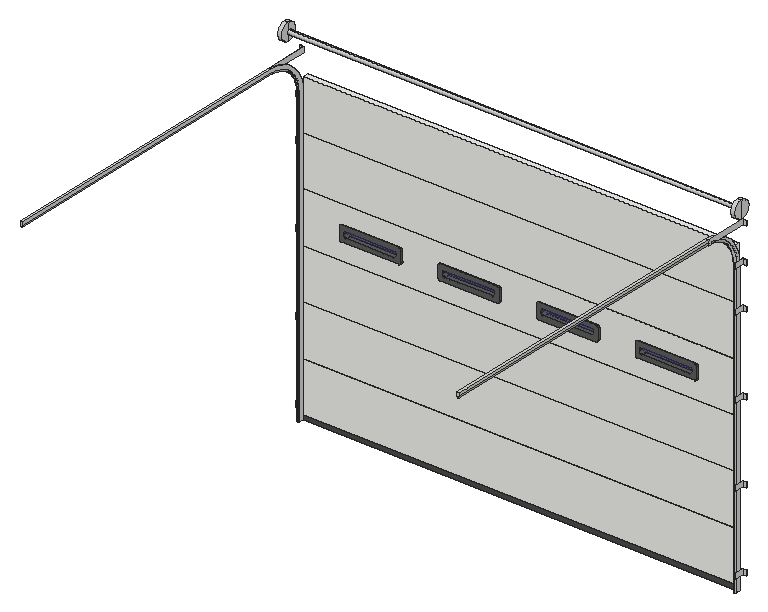
Revit family "Overhead-Sect_HAAS_Res_2500", category Doors, host Wall, Revit 2024
Family settings
  Host = Wall
  OmniClass Number = 23.30.10.17.37.14
  OmniClass Title = Sectional Overhead Doors
  Always vertical = Yes
  Cut with Voids When Loaded = No
  Shared = No
  Room Calculation Point = No
Parameters
  rearspring = no
  Warranty Duration (Years) = 0
  Viewport Frame Finish [instance] = Finish - Trim - HAAS - Black
  Unit Width [instance] = if(Wood Jamb, Opening Width, Opening Width + 0' 2")  # 14' - 0"
  Wood Jamb [instance] = yes
  URL = "http://www.haasdoor.com/about/index.html"
  U Value = 0
  Type Comments = ""
  Track_High Lift_CHECK WITH HAAS FOR VALUE [instance] = 0' - 7"
  Track [instance] = Steel
  Thickness = 0' - 0"  # constant formula
  Test Data = ""
  Steel Jamb [instance] = not(Wood Jamb)  # no
  Standards Conformance = "as Specified"
  Specification = ""
  SpecWizard = ""
  Send Message = ""
  Sales Information = "http://www.haasdoor.com/locator/index.php"
  Rough Width = 0' - 0"  # constant formula
  Rough Height = 0' - 0"  # constant formula
  Roof Incline Default = 0.00°
  Revision = "R1_2015-11"
  Recycled Content [instance] = "as Specified"
  R-Value = 13.45
  Product Properties = ""
  Product Data = "http://www.arcat.com/arcatcos/cos32/arc32915.html"
  Panel Width [instance] = 14' - 0"
  Panel Thickness = 0' - 2"
  Panel Material_Interior [instance] = Metal - Steel - HAAS - Polar White V-Groove
  Panel Material_Inset Panel [instance] = Metal - Steel - HAAS - Polar White
  Panel Material_Exterior [instance] = Metal - Steel - HAAS - Polar White
  Panel Height [instance] = if(1 = 1, Opening Height, 0' 0")  # 10' - 0"
  Overhead Sectional Style [instance] = Door_Overhead-Sectional-Panel_Haas_No-Inset-Panels : Design B
  Operation = "Overhead Sectional"
  Opening Width [instance] = 14' - 0"
  Opening Height [instance] = 10' - 0"
  Track Type [instance] = Tracks_Standard-Lift : Tracks_Standard-Lift
  Model = ""
  Max Width = 0' - 0"
  Max Height = 0' - 0"
  Manufacturer Website = "http://www.haasdoor.com/about/index.html"
  Manufacturer Phone - Toll Free = ""
  Manufacturer Phone = "419-337-9900"
  Manufacturer Fax = "800-874-4227"
  Manufacturer Address = "320 Sycamore Rd. Wauseon, OH 43567"
  Manufacturer = "Haas Door Co."
  Maintenance Schedule (Months) = 0
  Keynote = "08360"
  Interior Skin = "as Specified"
  Installation-Fabrication = ""
  Installation Phase = ""
  Green Building-LEED = ""
  Viewport Glazing [instance] = Glass
  Function = 1
  Height = 0' - 0"  # constant formula
  Wall Closure = (empty or 0)
  Width = 0' - 0"  # constant formula
  Fire Rating = ""
  Exterior Skin = "as Specified"
  Expected Lifespan (Years) = 0
  End Stile Type = "as Specified"
  Drawn By = "Sumex Design, Inc."
  Description = "Haas Residential Overhead Sectional Door - 2500 Series"
  Cost = 0
  Copyright = "©Arcat Inc."  # constant formula
  Construction Type = ""
  Construction Details = ""
  Building Codes = ""
  Bottom Seal Color [instance] = Finish - Weather Seal - HAAS - Black
  Assembly Code = "B2030410"
  AAMA Designation = "as Specified"
  3in Track [instance] = not([2in Track])  # no
  2in Track [instance] = yes
Reference planes (in)
  plane 1 "Center (Front/Back)": y = 0
  plane 2 "Center (Left/Right)": x = 0
  plane 3 "Left": x = -84
  plane 4 "Right": x = 84
  plane 5 "Top": z = 120
  plane 6 "Exterior": y = 3
  plane 7 "Interior": y = -3
  plane 8: z = 2
  plane 9 "Back of Panel": y = -5
  plane 10: y = -4
  plane 11 "Track": y = -4.625
Lines and regions (in)
  Opening 1
    outline origin (-90, -3, 0) x (1, 0, 0) y (0, 0, 1)
      loop
        line (6, 0) -> (174, 0) -> (174, 120) -> (6, 120) -> (6, 0)
Text (in)
  text "Exterior" at (-74.96733, 27.31104, 0), in view "Ref. Level"
  text "Interior" at (-74.96733, -25.14366, 0), in view "Ref. Level"
  text "Exterior" at (0, 40.15149, 123.01588), in view "Right"
  text "Interior" at (0, -64.39139, 123.01588), in view "Right"
  text "Interior" at (0, -31.01599, 123.00693), in view "Left"
  text "Exterior" at (0, 54.57065, 123.00693), in view "Left"
Dimensions and locks (in)
  equal spacing: plane 3 "Left", plane 2 "Center (Left/Right)", plane 4 "Right"
  "Opening Height": level to plane 5 "Top"
  "Opening Width": plane 3 "Left" to plane 4 "Right"
  plane 8 to level = 0' - 2"
  plane 3 "Left" to plane 4 "Right" = 14' - 0"
  "Panel Thickness": plane 9 "Back of Panel" to plane 7 "Interior"
  equal spacing: plane 9 "Back of Panel", plane 10, plane 7 "Interior"
  locked: plane 11 "Track" to plane 7 "Interior" at 1.625
  aligned and locked: plane 3 "Left" to Opening 1 sketch curve
  aligned and locked: plane 5 "Top" to Opening 1 sketch curve
  aligned and locked: Opening 1 sketch curve to plane 5 "Top"
  aligned and locked: Opening 1 sketch curve to plane 4 "Right"
  aligned and locked: Opening 1 sketch curve to level
  aligned and locked: plane 6 "Exterior" to host wall
  aligned and locked: plane 7 "Interior" to host wall
  aligned and locked: nested 1 to plane 2 "Center (Left/Right)"
  aligned and locked: level to nested 1
  aligned and locked: nested 1 to plane 11 "Track"
  aligned and locked: nested 2 to plane 2 "Center (Left/Right)"
  aligned and locked: plane 10 to nested 2
Nested families (in)
  nested 1: "Tracks_Standard-Lift" at (0, -5.625, 0), Unit Width <- "Unit Width", Opening Height <- "Opening Height", Track <- "Track", Wood Jamb <- "Wood Jamb", 2in Track <- "2in Track", type <- "Track Type", High Lift Height <- "Track_High Lift_CHECK WITH HAAS FOR VALUE", Door Height <- "Panel Height", Rear Mount Spring <- "rearspring", Roof Incline <- "Roof Incline Default", type "Tracks_Standard-Lift"
    with trackradinsetv 0' - 0", trackradinseth 0' - 0", sideroomint 0' - 1 5/8", roofpitchheight 0' - 0", offsettrackradv 1' - 2.73821", offsettrackradh 1' - 2.99772", offset 0' - 0", highliftcalc 0' - 8", breakoutrun 1, breakoutrise 12, breakawaylength 0' - 0", breakaway angle 1.00°, Wood Jamb yes, Unit Width 14' - 0", Unit Depth 0' - 2", Track Radius 1' - 3", Track Offset from Door Edge 0' - 0 1/2", Track Steel, Steel Jamb no, Standard Spring Location yes, Sideroom_Spring 0' - 3", Sideroom_Jambs 0' - 3", Roof Incline 0.00°, Rear Mount Spring no, Opening Width 14' - 0", Opening Height 10' - 0", High Lift Height 0' - 7", Headroom Clearance 1' - 7", Door Height 10' - 0", Breakaway Start 0' - 8", Back Depth 11' - 6", 3in Track no, 2in Track yes, 1 in 12 Breakout yes, 1 5 in 12 Breakout no
  nested 2: "Door_Overhead-Sectional-Panel_Haas_No-Inset-Panels" at (0, -4, 0) x (-1, 0, 0) z (0, 0, 1), Viewport Finish <- "Viewport Frame Finish", Panel Material_Interior <- "Panel Material_Interior", Panel Material_Inset Panel <- "Panel Material_Inset Panel", Panel Material_Exterior <- "Panel Material_Exterior", Viewport Glazing <- "Viewport Glazing", Bottom Seal Color <- "Bottom Seal Color", Panel Width <- "Panel Width", Panel Thickness <- "Panel Thickness", Panel Height <- "Panel Height", type <- "Overhead Sectional Style", type "Design B"
    with Viewport Glazing Glass, Viewport Finish Finish - Trim - HAAS - Black, Unit Width 14' - 0", Unit Height 1' - 7.66667", Panel Width 14' - 0", Panel Thickness 0' - 2", Panel Material_Interior Metal - Steel - HAAS - Polar White V-Groove, Panel Material_Inset Panel Metal - Steel - HAAS - Polar White, Panel Material_Exterior Metal - Steel - HAAS - Polar White, Panel Height 10' - 0", Panel 9 Vis no, Panel 9 Control 0' - 0", Panel 8 Vis no, Panel 8 Control 0' - 0", Panel 7 Vis no, Panel 7 Control 0' - 0", Panel 6 Vis yes, Panel 6 Control 1' - 7.66667", Panel 5 Vis yes, Panel 5 Control 1' - 7.66667", Panel 4 Vis yes, Panel 4 Control 1' - 7.66667", Panel 3 Vis yes, Panel 3 Control 1' - 7.66667", Panel 2 Vis yes, Panel 2 Control 1' - 7.66667", Panel 10 Vis no, Panel 10 Control 0' - 0", Panel 1 Vis yes, Bottom Seal Color Finish - Weather Seal - HAAS - Black
Definition of nested family "Tracks_Standard-Lift"
  Parameters
    trackradinsetv [instance] = Track Radius - (Track Radius * cos(Roof Incline))  # 0' - 0"
    trackradinseth [instance] = Track Radius * sin(Roof Incline)  # 0' - 0"
    sideroomint [instance] = if(Steel Jamb, 0' 3", 0' 1 5/8")  # 0' - 1 5/8"
    roofpitchheight [instance] = (Back Depth) * tan(Roof Incline)  # 0' - 0"
    offsettrackradv [instance] = Track Radius - (Track Radius * sin(breakaway angle))  # 1' - 2.73821"
    offsettrackradh [instance] = Track Radius * cos(breakaway angle)  # 1' - 2.99772"
    offset [instance] = 0' - 0"  # constant formula
    breakoutrun [instance] = if([1 in 12 Breakout], 1, 1.5)  # 1
    breakoutrise [instance] = 12  # constant formula
    breakawaylength [instance] = (Breakaway Start + High Lift Height - Track Radius) / tan(90.00° - breakaway angle)  # 0' - 0.26183"
    breakaway angle [instance] = 1.00°  # constant formula
    Wood Jamb [instance] = yes
    Unit Width [instance] = 8' - 0"
    Unit Depth [instance] = if([2in Track], 0' 2", if([3in Track], 0' 3", 0' 2"))  # 0' - 3"
    URL = ""
    Track Radius [instance] = 1' - 3"
    Track [instance] = none
    Steel Jamb [instance] = not(Wood Jamb)  # no
    Standard Spring Location [instance] = yes
    Specification = ""
    SpecWizard = ""
    Track Offset from Door Edge [instance] = 0' - 0 1/2"
    Sideroom_Spring [instance] = 0' - 3"  # constant formula
    Sideroom_Jambs [instance] = 0' - 3"  # constant formula
    Sales Information = ""
    Roof Incline [instance] = 0.00°
    Revision = ""
    Rear Mount Spring [instance] = yes
    Product Properties = ""
    Product Data = ""
    Opening Width [instance] = if(Wood Jamb, Unit Width, Unit Width - 0' 1")  # 8' - 0"
    Opening Height [instance] = 8' - 0"
    Model = "As Specified"
    Manufacturer = ""
    Keynote = ""
    Installation-Fabrication = ""
    highliftcalc [instance] = if(Headroom Clearance < 5' 4 3/256", Headroom Clearance - 0' 11", if(and(Headroom Clearance > 5' 4", Headroom Clearance < 11' 1 3/256"), Headroom Clearance - 1' 1", if(and(Headroom Clearance > 11' 1", Headroom Clearance < 15' 0 3/256"), Headroom Clearance - 1' 5", 1' 0")))  # 1' - 11"
    High Lift Height [instance] = 1' - 10"
    Headroom Clearance [instance] = High Lift Height + 1' 0"  # 2' - 10"
    Green Building-LEED = ""
    Drawn By = "Sumex Design, Inc. / Robert S. Weygant, CSI, CDT, SCIP"
    Door Height [instance] = 8' - 0"
    Description = ""
    Default Elevation = 0' - 0"  # constant formula
    Copyright = "©Arcat Inc."
    Construction Details = ""
    Breakaway Start [instance] = if([1 in 12 Breakout], 0' 8", if([1 5 in 12 Breakout], 1' 2", 1' 0"))  # 0' - 8"
    Back Depth [instance] = Door Height + 1' 6"  # 9' - 6"
    Assembly Code = ""
    3in Track [instance] = not([2in Track])  # yes
    2in Track [instance] = no
    1 in 12 Breakout [instance] = yes
    1 5 in 12 Breakout [instance] = not([1 in 12 Breakout])  # no
  Reference planes (in)
    plane 1 "Center (Front/Back)": y = 0
    plane 2 "Bottom": z = 0
    plane 3 "Center (Left/Right)": x = 0
    plane 4 "Front": y = -1.5
    plane 5 "Back": y = 1.5
    plane 6 "Left": x = -48
    plane 7 "Right": x = 48
    plane 8 "Top": z = 121
    plane 9: z = 96
    plane 10: x = -48
    plane 11: x = 48
    plane 12: z = 130
    plane 13: y = -110.875
    plane 14: y = -13.49772
    plane 15: z = 106.26179
    plane 16 "Origin": y = 3.125
    plane 17: z = 74
    plane 18: z = 51.33333
    plane 19: z = 28.66667
    plane 20: z = 6
    plane 21: z = 97.13089
    plane 22: x = 51
    plane 23: x = -51
    plane 24 "Drum CL": y = -1.875
    plane 25: z = 106
    plane 26: z = 118
    plane 27: y = -13.49772
    plane 28: z = 121
    plane 29: x = -49.625
    plane 30: x = 49.625
  Forms (in)
    Extrusion 1, solid, material <- "Track", visible <- "Wood Jamb"
      sketch origin (0, 0, 0) x (1, 0, 0) y (0, 1, 0)
        loop
          line (-49.5, -13.49772) -> (-49.5, 3.125) -> (-51, 3.125) -> (-51, 3) -> (-49.625, 3) -> (-49.625, -13.49772) -> (-49.5, -13.49772)
        loop
          line (49.5, -13.49772) -> (49.625, -13.49772) -> (49.625, 3) -> (51, 3) -> (51, 3.125) -> (49.5, 3.125) -> (49.5, -13.49772)
      from 0 to 121
    Extrusion 2, void
      sketch origin (0, 0, 0) x (0, 1, 0) y (0, 0, 1)
        loop
          line (-1.5, 5) -> (-1.5, 7) -> (3.125, 7) -> (3.125, 27.66667) -> (-1.5, 27.66667) -> (-1.5, 29.66667) -> (3.125, 29.66667) -> (3.125, 50.33333) -> (-1.5, 50.33333) -> (-1.5, 52.33333) -> (3.125, 52.33333) -> (3.125, 73) -> (-1.5, 73) -> (-1.5, 75) -> (3.125, 75) -> (3.125, 105.26179) -> (-1.5, 105.26179) -> (-1.5, 107.26179) -> (3.125, 107.26179) -> (3.125, 119) -> (-13.49772, 119) -> (-13.49772, 0) -> (3.125, 0) -> (3.125, 5) -> (-1.5, 5)
      from -51 to 51
    Extrusion 3, solid, material <- "Track", visible <- "Steel Jamb"
      sketch origin (0, 0, 0) x (1, 0, 0) y (0, 1, 0)
        loop
          line (-51, 3.125) -> (-51, -13.49772) -> (-50.875, -13.49772) -> (-50.875, 3) -> (-48.375, 3) -> (-48.375, 3.125) -> (-51, 3.125)
        loop
          line (51, 3.125) -> (48.375, 3.125) -> (48.375, 3) -> (50.875, 3) -> (50.875, -13.49772) -> (51, -13.49772) -> (51, 3.125)
      from 0 to 121
    Revolve 4, solid, material <- "Track"
      sketch origin (0, -1.875, 0) x (0, 0, -1) y (1, 0, 0)
        loop
          line (-130, -53) -> (-126.75, -53) -> (-126.75, 53) -> (-130, 53) -> (-130, 51.5) -> (-127.5, 51.5) -> (-127.5, -51.5) -> (-130, -51.5) -> (-130, -53)
        axis (-126.75, 53) -> (-126.75, -53)
      angle from 0 to 360
    Sweep 5, solid, material <- "Track"
      path origin (0, 0, 0) x (0, 1, 0) y (0, 0, 1)
        loop
          line (1.5, 0) -> (1.5, 106.26179)
          arc (1.5, 106.26179) -> (-2.98408, 116.69876) -> (-13.49772, 121) r 15
          line (-13.49772, 121) -> (-110.875, 121)
      profile origin (0, -62.18636, 121) x (0, 0, -1) y (1, 0, 0)
        loop
          line (2.62111, -48.5) -> (0, -48.5) -> (0, -49.5) -> (2.25, -49.5)
          arc (2.25, -49.5) -> (2.68414, -49.38263) -> (3, -49.0625) r 0.86161
          line (3, -49.0625) -> (3, -48.71875) -> (2.62111, -48.5)
    Sweep 6, solid, material <- "Track"
      path origin (0, 0, 0) x (0, 1, 0) y (0, 0, 1)
        loop
          line (1.5, 0) -> (1.5, 106.26179)
          arc (1.5, 106.26179) -> (-2.98408, 116.69876) -> (-13.49772, 121) r 15
          line (-13.49772, 121) -> (-110.875, 121)
      profile origin (0, -62.18636, 121) x (0, 0, -1) y (1, 0, 0)
        loop
          line (0, 49.5) -> (0, 48.5) -> (2.62111, 48.5) -> (3, 48.71875) -> (3, 49.0625)
          arc (3, 49.0625) -> (2.68414, 49.38263) -> (2.25, 49.5) r 0.86161
          line (2.25, 49.5) -> (0, 49.5)
  Cuts and joins
    Extrusion 2 cuts Extrusion 1
    Extrusion 2 cuts Extrusion 3
  Lines and regions (in)
    reference lines
      curve 1: arc (0, 0.25, 112.00003) -> (0, -5.28189, 118.54991) -> (0, -13.49772, 121) r 15
      curve 2: line (0, -13.49772, 121) -> (0, -110.875, 121)
  Text (in)
    text "OPENING" at (0, 24.81124, 52.10269), in view "Right"
    text "STANDARD LIFT" at (0, 24.81124, 118.55424), in view "Right"
  Dimensions and locks (in)
    equal spacing: plane 6 "Left", plane 3 "Center (Left/Right)", plane 7 "Right"
    "Unit Width": plane 6 "Left" to plane 7 "Right"
    equal spacing: plane 5 "Back", plane 1 "Center (Front/Back)", plane 4 "Front"
    "Unit Depth": plane 5 "Back" to plane 4 "Front"
    equal spacing: plane 10, plane 3 "Center (Left/Right)", plane 11
    "Opening Width": plane 10 to plane 11
    "Headroom Clearance": plane 12 to plane 9
    "Back Depth": plane 13 to plane 16 "Origin"
    "offsettrackradv": plane 8 "Top" to plane 15
    locked: plane 16 "Origin" to plane 5 "Back" at 1.625
    "Sideroom_Jambs": Extrusion 1 sketch curve to plane 10
    "Sideroom_Jambs": plane 11 to Extrusion 1 sketch curve
    locked: plane 20 to level at 6
    equal spacing: plane 17, plane 18, plane 19, plane 20
    Extrusion 2 sketch curve to plane 20 to Extrusion 2 sketch curve = 0' - 1" locked, 0' - 1" locked
    Extrusion 2 sketch curve to plane 19 to Extrusion 2 sketch curve = 0' - 1" locked, 0' - 1" locked
    Extrusion 2 sketch curve to plane 18 to Extrusion 2 sketch curve = 0' - 1" locked, 0' - 1" locked
    Extrusion 2 sketch curve to plane 17 to Extrusion 2 sketch curve = 0' - 1" locked, 0' - 1" locked
    Extrusion 2 sketch curve to plane 15 to Extrusion 2 sketch curve = 0' - 1" locked, 0' - 1" locked
    "Sideroom_Spring": plane 23 to plane 10
    "Sideroom_Spring": plane 11 to plane 22
    locked: Extrusion 3 sketch curve to plane 10 at 0.375
    locked: plane 11 to Extrusion 3 sketch curve at 0.375
    locked: plane 24 "Drum CL" to plane 16 "Origin" at 5
    locked: Revolve 4 sketch curve to plane 10 at 5
    locked: plane 11 to Revolve 4 sketch curve at 5
    locked: Revolve 4 sketch curve to Revolve 4 sketch curve at 1.5  (x2)
    locked: Revolve 4 sketch curve to Revolve 4 sketch curve at 0.75
    locked: Revolve 4 sketch curve to Revolve 4 sketch curve at 3.25  (x2)
    locked: Extrusion 1 sketch curve to Extrusion 1 sketch curve at 0.125
    "Opening Height": plane 9 to level
    "Track Radius": plane 8 "Top" to plane 25
    "High Lift Height": plane 26 to plane 9
    "Unit Depth": plane 8 "Top" to plane 26
    "offsettrackradh": plane 14 to plane 5 "Back"
    "trackradinseth": plane 14 to plane 27
    "trackradinsetv": plane 8 "Top" to plane 28
    "Unit Depth": Sweep 5 sketch curve to Sweep 5 sketch curve
    locked: plane 8 "Top" to Extrusion 2 sketch curve at 2
    "Unit Depth": Sweep 6 sketch curve to Sweep 6 sketch curve
    Extrusion 1 sketch curve to Extrusion 1 sketch curve to plane 10 = 0' - 0 1/8" locked, 0' - 1 1/2" locked
    equal spacing: Sweep 5 sketch curve, Sweep 5 sketch curve, Sweep 5 sketch curve, Sweep 5 sketch curve, plane 10
    equal spacing: plane 11, Sweep 6 sketch curve, Sweep 6 sketch curve, Sweep 6 sketch curve, Sweep 6 sketch curve
    "sideroomint": plane 29 to plane 10
    plane 29 to Sweep 5 sketch curve to Sweep 5 sketch curve to Sweep 5 sketch curve to Sweep 5 sketch curve = 0' - 0 1/8" locked, 0' - 0 7/16" locked, 0' - 0 11/32" locked, 0' - 0 7/32" locked
    "Sideroom_Jambs": Extrusion 3 sketch curve to plane 10
    locked: Extrusion 3 sketch curve to Extrusion 3 sketch curve at 0.125  (x2)
    "Sideroom_Jambs": plane 11 to Extrusion 3 sketch curve
    locked: plane 11 to Extrusion 1 sketch curve at 1.5
    "sideroomint": plane 11 to plane 30
    Sweep 6 sketch curve to Sweep 6 sketch curve to Sweep 6 sketch curve to Sweep 6 sketch curve to plane 30 = 0' - 0 7/32" locked, 0' - 0 11/32" locked, 0' - 0 7/16" locked, 0' - 0 1/8" locked
    locked: Revolve 4 sketch curve to plane 26 at 8.75
    locked: plane 9 to plane 17 at 22
    "Track Radius": radius of curve 1
    "Track Radius": radius of Sweep 6 sketch curve
    "Roof Incline": angle curve 2 to plane 28
    "Roof Incline": angle Sweep 5 sketch curve to plane 28
    "Roof Incline": angle Sweep 6 sketch curve to plane 28
    aligned and locked: plane 14 to Extrusion 1 sketch curve
    aligned and locked: Extrusion 1 sketch curve to plane 14
    aligned and locked: Extrusion 2 sketch curve to plane 14
    aligned and locked: Extrusion 2 sketch curve to plane 16 "Origin"
    aligned and locked: plane 4 "Front" to Extrusion 2 sketch curve  (x4)
    aligned and locked: Extrusion 2 sketch curve to plane 4 "Front"
    aligned and locked: plane 23 to Extrusion 2
    aligned and locked: Extrusion 2 to plane 22
    aligned and locked: Extrusion 3 sketch curve to plane 14
    aligned and locked: plane 14 to Extrusion 3 sketch curve
    aligned and locked: Revolve 4 sketch curve to Revolve 4 sketch curve
    aligned and locked: plane 27 to curve 1
    aligned and locked: plane 25 to curve 1
    aligned and locked: plane 14 to curve 1
    aligned and locked: plane 13 to curve 2
    aligned and locked: Sweep 5 sketch curve to curve 1
    aligned and locked: plane 13 to Sweep 5 sketch curve
    aligned and locked: plane 27 to Sweep 5 sketch curve
    aligned and locked: plane 8 "Top" to Extrusion 3
    aligned and locked: plane 8 "Top" to Extrusion 1
    aligned and locked: plane 13 to Sweep 6 sketch curve
    aligned and locked: plane 15 to Sweep 5 sketch curve
    aligned and locked: plane 27 to Sweep 6 sketch curve
    aligned and locked: plane 28 to Sweep 6 sketch curve
    aligned and locked: plane 15 to Sweep 6 sketch curve
    aligned and locked: plane 5 "Back" to Sweep 6 sketch curve
  Automatic sketch dimensions
    Extrusion 1 sketch curve to plane 16 "Origin" = 0' - 0"  (x2)
    Extrusion 1 sketch curve to plane 16 "Origin" = 0' - 0 1/8"  (x2)
    Extrusion 3 sketch curve to plane 16 "Origin" = 0' - 0"  (x2)
    Extrusion 3 sketch curve to plane 16 "Origin" = 0' - 0 1/8"  (x2)
    Revolve 4 sketch curve to Revolve 4 sketch curve = 0' - 0"
    Revolve 4 sketch curve to Revolve 4 sketch curve = 0' - 3"
    Sweep 5 sketch curve to level = 0' - 0"
    Sweep 5 sketch curve to profile plane = 0' - 0"
    Sweep 5 sketch curve to Sweep 5 sketch curve = 0' - 0.37111"
    Sweep 5 sketch curve to Sweep 5 sketch curve = 0' - 0.13839"
    Sweep 6 sketch curve to profile plane = 0' - 0"
    Sweep 6 sketch curve to Sweep 6 sketch curve = 0' - 0.37111"
    Sweep 6 sketch curve to Sweep 6 sketch curve = 0' - 0.13839"
    curve 1 to plane 1 "Center (Front/Back)" = 0' - 0 1/4"
    Sweep 6 sketch curve to level = 0' - 0"
    Extrusion 2 sketch curve to plane 16 "Origin" = 0' - 0"  (x5)
    Extrusion 2 sketch curve to level = 0' - 0"
Definition of nested family "Door_Overhead-Sectional-Panel_Haas_No-Inset-Panels"
  Parameters
    Width = 10' - 0"
    Viewport Finish [instance] = none
    Unit Width [instance] = Panel Width  # 10' - 0"
    Unit Height [instance] = if(Number Panels > 3, ((Panel Height - 0' 2") / Number Panels), ((Panel Height - 0' 2") / 4))  # 1' - 7.66667"
    Thickness = 0' - 3"
    Section Type_Row 10 = HAAS_Section_Flush : Standard
    Section Type_Row 9 = HAAS_Section_Flush : Standard
    Section Type_Row 8 = HAAS_Section_Flush : Standard
    Section Type_Row 7 = HAAS_Section_Flush : Standard
    Section Type_Row 6 = HAAS_Section_Flush : Standard
    Section Type_Row 5 = HAAS_Section_Flush : Standard
    Section Type_Row 4 = HAAS_Section_Flush : Standard
    Section Type_Row 3 = HAAS_Section_Flush : Standard
    Section Type_Row 2 = HAAS_Section_Flush : Standard
    Section Type_Row 1 = HAAS_Section_Flush : Standard
    Panel Width [instance] = 10' - 0"
    Panel Thickness [instance] = 0' - 3"
    Panel Material_Interior [instance] = none
    Panel Material_Inset Panel [instance] = none
    Panel Material_Exterior [instance] = none
    Panel Height [instance] = 10' - 0"
    Panel 9 Vis [instance] = Number Panels > 8  # no
    Panel 9 Control [instance] = if(Panel 9 Vis, Unit Height, 0' 0")  # 0' - 0"
    Panel 8 Vis [instance] = Number Panels > 7  # no
    Panel 8 Control [instance] = if(Panel 8 Vis, Unit Height, 0' 0")  # 0' - 0"
    Panel 7 Vis [instance] = Number Panels > 6  # no
    Panel 7 Control [instance] = if(Panel 7 Vis, Unit Height, 0' 0")  # 0' - 0"
    Panel 6 Vis [instance] = Number Panels > 5  # yes
    Panel 6 Control [instance] = if(Panel 6 Vis, Unit Height, 0' 0")  # 1' - 7.66667"
    Panel 5 Vis [instance] = Number Panels > 4  # yes
    Panel 5 Control [instance] = if(Panel 5 Vis, Unit Height, 0' 0")  # 1' - 7.66667"
    Panel 4 Vis [instance] = Number Panels > 3  # yes
    Panel 4 Control [instance] = if(Panel 4 Vis, Unit Height, 0' 0")  # 1' - 7.66667"
    Panel 3 Vis [instance] = Number Panels > 2  # yes
    Panel 3 Control [instance] = if(Panel 3 Vis, Unit Height, 0' 0")  # 1' - 7.66667"
    Panel 2 Vis [instance] = Number Panels > 1  # yes
    Panel 2 Control [instance] = if(Panel 2 Vis, Unit Height, 0' 0")  # 1' - 7.66667"
    Panel 10 Vis [instance] = Number Panels > 9  # no
    Panel 10 Control [instance] = if(Panel 10 Vis, Unit Height, 0' 0")  # 0' - 0"
    Panel 1 Vis [instance] = Number Panels > 0  # yes
    Number Panels = 6
    Viewport Glazing [instance] = none
    Height = 8' - 0"
    End Stile Width_CONTACT HAAS FOR VALUE = 0' - 0"
    Default Elevation = 4' - 0"
    Bottom Seal Color [instance] = none
  Reference planes (in)
    plane 1 "Center (Front/Back)": y = 0
    plane 2: z = 0
    plane 3 "Center (Left/Right)": x = 0
    plane 4 "Left": x = -60
    plane 5 "Right": x = 60
    plane 6 "Back": y = 1.5
    plane 7 "Front": y = -1.5
    plane 8 "1T": z = 21.66667
    plane 9 "1B": z = 2
    plane 10: z = 41.33333
    plane 11 "2B": z = 21.66667
    plane 12: z = 61
    plane 13 "3B": z = 41.33333
    plane 14: z = 80.66667
    plane 15 "4B": z = 61
    plane 16: z = 100.33333
    plane 17 "5B": z = 80.66667
    plane 18: z = 120
    plane 19 "6B": z = 100.33333
    plane 20: z = 120
    plane 21 "7B": z = 100.33333
    plane 22: z = 120
    plane 23 "8B": z = 100.33333
    plane 24: z = 120
    plane 25 "9B": z = 100.33333
    plane 26: z = 120
    plane 27 "10B": z = 100.33333
  Forms (in)
    Extrusion 1, solid, material <- "Bottom Seal Color"
      sketch origin (0, 0, 0) x (0, 1, 0) y (0, 0, 1)
        loop
          line (-1.375, 2) -> (-1.375, 0) -> (1.375, 0) -> (1.375, 2) -> (-1.375, 2)
      from -60 to 60
  Dimensions and locks (in)
    equal spacing: plane 4 "Left", plane 3 "Center (Left/Right)", plane 5 "Right"
    "Panel Width": plane 4 "Left" to plane 5 "Right"
    equal spacing: plane 6 "Back", plane 1 "Center (Front/Back)", plane 7 "Front"
    "Panel Thickness": plane 6 "Back" to plane 7 "Front"
    "Unit Height": plane 8 "1T" to plane 9 "1B"
    "Unit Height": plane 10 to plane 11 "2B"
    "Unit Height": plane 12 to plane 13 "3B"
    "Unit Height": plane 14 to plane 15 "4B"
    "Unit Height": plane 16 to plane 17 "5B"
    "Unit Height": plane 18 to plane 19 "6B"
    "Unit Height": plane 20 to plane 21 "7B"
    "Unit Height": plane 22 to plane 23 "8B"
    "Unit Height": plane 24 to plane 25 "9B"
    "Unit Height": plane 26 to plane 27 "10B"
    locked: plane 9 "1B" to level at 2
    "Panel 2 Control": plane 11 "2B" to plane 9 "1B"
    "Panel 3 Control": plane 13 "3B" to plane 11 "2B"
    "Panel 4 Control": plane 15 "4B" to plane 13 "3B"
    "Panel 5 Control": plane 17 "5B" to plane 15 "4B"
    "Panel 6 Control": plane 19 "6B" to plane 17 "5B"
    "Panel 7 Control": plane 21 "7B" to plane 19 "6B"
    "Panel 8 Control": plane 23 "8B" to plane 21 "7B"
    "Panel 9 Control": plane 25 "9B" to plane 23 "8B"
    "Panel 10 Control": plane 27 "10B" to plane 25 "9B"
    locked: Extrusion 1 sketch curve to plane 6 "Back" at 0.125
    locked: plane 7 "Front" to Extrusion 1 sketch curve at 0.125
    aligned and locked: plane 2 to level
    aligned and locked: plane 3 "Center (Left/Right)" to nested 1
    aligned and locked: plane 3 "Center (Left/Right)" to nested 2
    aligned and locked: plane 3 "Center (Left/Right)" to nested 3
    aligned and locked: plane 3 "Center (Left/Right)" to nested 4
    aligned and locked: plane 3 "Center (Left/Right)" to nested 5
    aligned and locked: plane 3 "Center (Left/Right)" to nested 6
    aligned and locked: plane 3 "Center (Left/Right)" to nested 7
    aligned and locked: plane 3 "Center (Left/Right)" to nested 8
    aligned and locked: plane 3 "Center (Left/Right)" to nested 9
    aligned and locked: plane 3 "Center (Left/Right)" to nested 10
    aligned and locked: plane 1 "Center (Front/Back)" to nested 1
    aligned and locked: plane 1 "Center (Front/Back)" to nested 2
    aligned and locked: plane 1 "Center (Front/Back)" to nested 3
    aligned and locked: plane 1 "Center (Front/Back)" to nested 4
    aligned and locked: nested 5 to plane 1 "Center (Front/Back)"
    aligned and locked: nested 6 to plane 1 "Center (Front/Back)"
    aligned and locked: nested 7 to plane 1 "Center (Front/Back)"
    aligned and locked: nested 8 to plane 1 "Center (Front/Back)"
    aligned and locked: nested 9 to plane 1 "Center (Front/Back)"
    aligned and locked: nested 10 to plane 1 "Center (Front/Back)"
    aligned and locked: plane 5 "Right" to Extrusion 1
    aligned and locked: Extrusion 1 to plane 4 "Left"
  Automatic sketch dimensions
    Extrusion 1 sketch curve to level = 0' - 0"
    Extrusion 1 sketch curve to plane 9 "1B" = 0' - 0"
  Nested families (in)
    nested 1: "HAAS_Section_Flush" at (0, 0, 2), type <- "Section Type_Row 1", visible <- "Panel 1 Vis", Unit Width <- "Unit Width", Unit Height <- "Unit Height", Viewport Glazing <- "Viewport Glazing", Viewport Finish <- "Viewport Finish", Panel Material_Interior <- "Panel Material_Interior", Panel Material_Inset Panel <- "Panel Material_Inset Panel", Panel Material_Exterior <- "Panel Material_Exterior", Unit Depth <- "Panel Thickness", type "Standard"
      with Viewport Glazing none, Viewport Finish none, Unit Width 10' - 0", Unit Height 1' - 7.66667", Unit Depth 0' - 3", Panel Material_Interior none, Panel Material_Inset Panel none, Panel Material_Exterior none
    nested 2: "HAAS_Section_Flush" at (0, 0, 21.66667), type <- "Section Type_Row 2", visible <- "Panel 2 Vis", Unit Width <- "Unit Width", Unit Height <- "Unit Height", Viewport Glazing <- "Viewport Glazing", Viewport Finish <- "Viewport Finish", Panel Material_Interior <- "Panel Material_Interior", Panel Material_Inset Panel <- "Panel Material_Inset Panel", Panel Material_Exterior <- "Panel Material_Exterior", Unit Depth <- "Panel Thickness", type "Standard"
      with Viewport Glazing none, Viewport Finish none, Unit Width 10' - 0", Unit Height 1' - 7.66667", Unit Depth 0' - 3", Panel Material_Interior none, Panel Material_Inset Panel none, Panel Material_Exterior none
    nested 3: "HAAS_Section_Flush" at (0, 0, 41.33333), type <- "Section Type_Row 3", visible <- "Panel 3 Vis", Unit Width <- "Unit Width", Unit Height <- "Unit Height", Viewport Glazing <- "Viewport Glazing", Viewport Finish <- "Viewport Finish", Panel Material_Interior <- "Panel Material_Interior", Panel Material_Inset Panel <- "Panel Material_Inset Panel", Panel Material_Exterior <- "Panel Material_Exterior", Unit Depth <- "Panel Thickness", type "Standard"
      with Viewport Glazing none, Viewport Finish none, Unit Width 10' - 0", Unit Height 1' - 7.66667", Unit Depth 0' - 3", Panel Material_Interior none, Panel Material_Inset Panel none, Panel Material_Exterior none
    nested 4: "HAAS_Section_Flush" at (0, 0, 61), visible <- "Panel 4 Vis", Unit Width <- "Unit Width", Unit Height <- "Unit Height", Viewport Glazing <- "Viewport Glazing", Viewport Finish <- "Viewport Finish", Panel Material_Interior <- "Panel Material_Interior", Panel Material_Inset Panel <- "Panel Material_Inset Panel", Panel Material_Exterior <- "Panel Material_Exterior", type <- "Section Type_Row 4", Unit Depth <- "Panel Thickness", type "Standard"
      with Viewport Glazing none, Viewport Finish none, Unit Width 10' - 0", Unit Height 1' - 7.66667", Unit Depth 0' - 3", Panel Material_Interior none, Panel Material_Inset Panel none, Panel Material_Exterior none
    nested 5: "HAAS_Section_Flush" at (0, 0, 80.66667), type <- "Section Type_Row 5", visible <- "Panel 5 Vis", Unit Width <- "Unit Width", Unit Height <- "Unit Height", Viewport Glazing <- "Viewport Glazing", Viewport Finish <- "Viewport Finish", Panel Material_Interior <- "Panel Material_Interior", Panel Material_Inset Panel <- "Panel Material_Inset Panel", Panel Material_Exterior <- "Panel Material_Exterior", Unit Depth <- "Panel Thickness", type "Standard"
      with Viewport Glazing none, Viewport Finish none, Unit Width 10' - 0", Unit Height 1' - 7.66667", Unit Depth 0' - 3", Panel Material_Interior none, Panel Material_Inset Panel none, Panel Material_Exterior none
    nested 6: "HAAS_Section_Flush" at (0, 0, 100.33333), type <- "Section Type_Row 6", visible <- "Panel 6 Vis", Unit Width <- "Unit Width", Unit Height <- "Unit Height", Viewport Glazing <- "Viewport Glazing", Viewport Finish <- "Viewport Finish", Panel Material_Interior <- "Panel Material_Interior", Panel Material_Inset Panel <- "Panel Material_Inset Panel", Panel Material_Exterior <- "Panel Material_Exterior", Unit Depth <- "Panel Thickness", type "Standard"
      with Viewport Glazing none, Viewport Finish none, Unit Width 10' - 0", Unit Height 1' - 7.66667", Unit Depth 0' - 3", Panel Material_Interior none, Panel Material_Inset Panel none, Panel Material_Exterior none
    nested 7: "HAAS_Section_Flush" at (0, 0, 100.33333), type <- "Section Type_Row 7", visible <- "Panel 7 Vis", Unit Width <- "Unit Width", Unit Height <- "Unit Height", Viewport Glazing <- "Viewport Glazing", Viewport Finish <- "Viewport Finish", Panel Material_Interior <- "Panel Material_Interior", Panel Material_Inset Panel <- "Panel Material_Inset Panel", Panel Material_Exterior <- "Panel Material_Exterior", Unit Depth <- "Panel Thickness", type "Standard"
      with Viewport Glazing none, Viewport Finish none, Unit Width 10' - 0", Unit Height 1' - 7.66667", Unit Depth 0' - 3", Panel Material_Interior none, Panel Material_Inset Panel none, Panel Material_Exterior none
    nested 8: "HAAS_Section_Flush" at (0, 0, 100.33333), type <- "Section Type_Row 8", visible <- "Panel 8 Vis", Unit Width <- "Unit Width", Unit Height <- "Unit Height", Viewport Glazing <- "Viewport Glazing", Viewport Finish <- "Viewport Finish", Panel Material_Interior <- "Panel Material_Interior", Panel Material_Inset Panel <- "Panel Material_Inset Panel", Panel Material_Exterior <- "Panel Material_Exterior", Unit Depth <- "Panel Thickness", type "Standard"
      with Viewport Glazing none, Viewport Finish none, Unit Width 10' - 0", Unit Height 1' - 7.66667", Unit Depth 0' - 3", Panel Material_Interior none, Panel Material_Inset Panel none, Panel Material_Exterior none
    nested 9: "HAAS_Section_Flush" at (0, 0, 100.33333), type <- "Section Type_Row 9", visible <- "Panel 9 Vis", Unit Width <- "Unit Width", Unit Height <- "Unit Height", Viewport Glazing <- "Viewport Glazing", Viewport Finish <- "Viewport Finish", Panel Material_Interior <- "Panel Material_Interior", Panel Material_Inset Panel <- "Panel Material_Inset Panel", Panel Material_Exterior <- "Panel Material_Exterior", Unit Depth <- "Panel Thickness", type "Standard"
      with Viewport Glazing none, Viewport Finish none, Unit Width 10' - 0", Unit Height 1' - 7.66667", Unit Depth 0' - 3", Panel Material_Interior none, Panel Material_Inset Panel none, Panel Material_Exterior none
    nested 10: "HAAS_Section_Flush" at (0, 0, 100.33333), type <- "Section Type_Row 10", visible <- "Panel 10 Vis", Unit Width <- "Unit Width", Unit Height <- "Unit Height", Viewport Glazing <- "Viewport Glazing", Viewport Finish <- "Viewport Finish", Panel Material_Interior <- "Panel Material_Interior", Panel Material_Inset Panel <- "Panel Material_Inset Panel", Panel Material_Exterior <- "Panel Material_Exterior", Unit Depth <- "Panel Thickness", type "Standard"
      with Viewport Glazing none, Viewport Finish none, Unit Width 10' - 0", Unit Height 1' - 7.66667", Unit Depth 0' - 3", Panel Material_Interior none, Panel Material_Inset Panel none, Panel Material_Exterior none
  Definition of nested family "HAAS_Section_Flush"
    Parameters
      Viewport Glazing [instance] = none
      Viewport Finish [instance] = none
      Unit Width [instance] = 10' - 0"
      Unit Height [instance] = 1' - 3.66667"
      Unit Depth [instance] = 0' - 3"
      Panel Material_Interior [instance] = none
      Panel Material_Inset Panel [instance] = none
      Panel Material_Exterior [instance] = none
      Default Elevation = 4' - 0"
    Reference planes (in)
      plane 1 "Center (Front/Back)": y = 0
      plane 2: z = 0
      plane 3 "Center (Left/Right)": x = 0
      plane 4 "Left": x = -60
      plane 5 "Right": x = 60
      plane 6 "Center (Elevation)": z = 7.83333
      plane 7: z = 15.66667
      plane 8 "Back": y = 1.5
      plane 9 "Front": y = -1.5
    Forms (in)
      Extrusion 1, solid, material <- "Panel Material_Exterior"
        sketch origin (0, 0, 0) x (1, 0, 0) y (0, 0, 1)
          loop
            line (-60, 15.66667) -> (-60, 0) -> (60, 0) -> (60, 15.66667) -> (-60, 15.66667)
        from -1.5 to 1.5
    Dimensions and locks (in)
      equal spacing: plane 4 "Left", plane 3 "Center (Left/Right)", plane 5 "Right"
      "Unit Width": plane 4 "Left" to plane 5 "Right"
      equal spacing: plane 7, plane 6 "Center (Elevation)", level
      "Unit Height": plane 7 to level
      equal spacing: plane 8 "Back", plane 1 "Center (Front/Back)", plane 9 "Front"
      "Unit Depth": plane 8 "Back" to plane 9 "Front"
      aligned and locked: plane 2 to level
      aligned and locked: plane 7 to Extrusion 1
      aligned and locked: plane 5 "Right" to Extrusion 1
      aligned and locked: Extrusion 1 to level
      aligned and locked: Extrusion 1 to plane 4 "Left"
      aligned and locked: plane 8 "Back" to Extrusion 1
      aligned and locked: Extrusion 1 to plane 9 "Front"
    Automatic sketch dimensions
      level to Extrusion 1 sketch curve = 0' - 0"
      plane 4 "Left" to Extrusion 1 sketch curve = 0' - 0"
      Extrusion 1 sketch curve to plane 5 "Right" = 0' - 0"
      Extrusion 1 sketch curve to plane 7 = 0' - 0"
